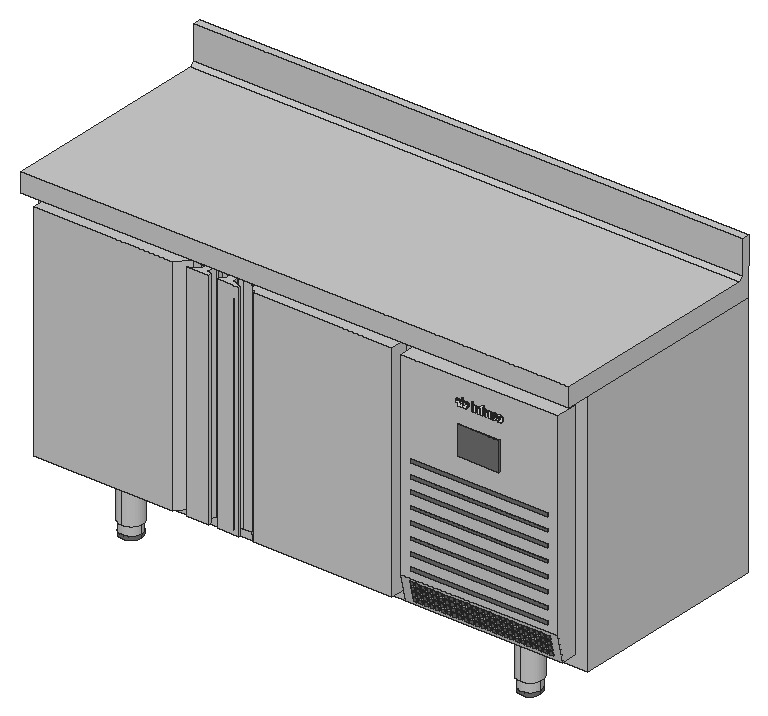
Revit family "QF_INFRICO_BMPP1500BT_250808034916", category Specialty Equipment, Revit 2021 (continued)
Definition of nested family "QF_INFRICO_LEGS_7238"
  Forms (mm)
    Extrusion 11, solid
      from 0 to 9
    Sweep 12, solid
      path origin (2185, 0, 0) x (0, -1, 0) y (0, 0, 1)
        loop
          line (618, 35) -> (618, 137)
      profile origin (2185, -618, 86) x (0, 1, 0) y (-1, 0, 0)
        loop
          circle (0, 199.986) r 32
    Extrusion 13, solid
      sketch origin (1560, 500, 140) x (0, 1, 0) y (-1, 0, 0)
        loop
          line (-530, -379.986) -> (-630, -379.986) -> (-630, -469.986) -> (-530, -469.986) -> (-530, -379.986)
      from 0 to -3
    Extrusion 14, solid
      sketch origin (1560, 500, 0) x (1, 0, 0) y (0, 1, 0)
        loop
          circle (424.986, -580) r 28
      from 9 to 35
    Extrusion 15, solid
      sketch origin (1560, 500, 0) x (1, 0, 0) y (0, 1, 0)
        loop
          circle (424.986, -580) r 28.5
      from 0 to 9
    Sweep 16, solid
      path origin (2185, 0, 0) x (0, -1, 0) y (0, 0, 1)
        loop
          line (80, 35) -> (80, 137)
      profile origin (2185, -80, 86) x (0, 1, 0) y (-1, 0, 0)
        loop
          circle (0, 199.986) r 32
    Extrusion 17, solid, visible <- "CentralLegs"
      sketch origin (534.014, 0, 140) x (0, 1, 0) y (-1, 0, 0)
        loop
          line (-568, -513.486) -> (-668, -513.486) -> (-668, -603.486) -> (-568, -603.486) -> (-568, -513.486)
      from 0 to -3
    Extrusion 18, solid, visible <- "CentralLegs"
      sketch origin (534.014, 0, 0) x (1, 0, 0) y (0, 1, 0)
        loop
          circle (558.486, -618) r 28
      from 9 to 35
    Extrusion 19, solid, visible <- "CentralLegs"
      sketch origin (534.014, 0, 0) x (1, 0, 0) y (0, 1, 0)
        loop
          circle (558.486, -618) r 28.5
      from 0 to 9
    Sweep 20, solid, visible <- "CentralLegs"
      path origin (1092.5, 0, 0) x (0, -1, 0) y (0, 0, 1)
        loop
          line (618, 35) -> (618, 137)
      profile origin (1092.5, -618, 86) x (0, 1, 0) y (-1, 0, 0)
        loop
          circle (0, -0.014) r 32
    Extrusion 21, solid, visible <- "CentralLegs"
      sketch origin (534.014, 500, 140) x (0, 1, 0) y (-1, 0, 0)
        loop
          line (-530, -513.486) -> (-630, -513.486) -> (-630, -603.486) -> (-530, -603.486) -> (-530, -513.486)
      from 0 to -3
    Extrusion 22, solid, visible <- "CentralLegs"
      sketch origin (534.014, 500, 0) x (1, 0, 0) y (0, 1, 0)
        loop
          circle (558.486, -580) r 28
      from 9 to 35
    Extrusion 23, solid, visible <- "CentralLegs"
      sketch origin (534.014, 500, 0) x (1, 0, 0) y (0, 1, 0)
        loop
          circle (558.486, -580) r 28.5
      from 0 to 9
    Sweep 24, solid, visible <- "CentralLegs"
      path origin (1092.5, 0, 0) x (0, -1, 0) y (0, 0, 1)
        loop
          line (80, 35) -> (80, 137)
      profile origin (1092.5, -80, 86) x (0, 1, 0) y (-1, 0, 0)
        loop
          circle (0, -0.014) r 32
  Dimensions and locks
    "Length": plane 3 "Left" to plane 4 "Right"
    "Depth": plane 1 "Back" to plane 5 "Front"
    "Height": plane 6 "Top" to plane 2
    equal spacing: plane 3 "Left", plane 7 "Central", plane 4 "Right"
    locked: Sweep 20 sketch curve to profile plane at 0.014
    locked: Sweep 24 sketch curve to profile plane at 0.014
    aligned and locked: level to plane 2
  Automatic sketch dimensions
    plane 5 "Front" to Extrusion 1 sketch curve = 70 mm
    Extrusion 1 sketch curve to Extrusion 1 sketch curve = 100 mm
    plane 3 "Left" to Extrusion 1 sketch curve = 244.986 mm
    Extrusion 1 sketch curve to Extrusion 1 sketch curve = 90 mm
    plane 3 "Left" to Extrusion 2 sketch curve = 199.986 mm
    plane 5 "Front" to Extrusion 2 sketch curve = 120 mm
    plane 3 "Left" to Extrusion 3 sketch curve = 199.986 mm
    plane 5 "Front" to Extrusion 3 sketch curve = 120 mm
    Sweep 4 sketch curve to plane 6 "Top" = 3 mm
    plane 5 "Front" to Sweep 4 sketch curve = 120 mm
    level to Sweep 4 sketch curve = 35 mm
    Sweep 4 sketch curve to profile plane = 0 mm
    plane 3 "Left" to Sweep 4 sketch curve = 199.986 mm
    plane 1 "Back" to Extrusion 5 sketch curve = 130 mm
    plane 1 "Back" to Extrusion 5 sketch curve = 30 mm
    plane 3 "Left" to Extrusion 5 sketch curve = 244.986 mm
    Extrusion 5 sketch curve to Extrusion 5 sketch curve = 90 mm
    plane 1 "Back" to Extrusion 6 sketch curve = 80 mm
    plane 3 "Left" to Extrusion 6 sketch curve = 199.986 mm
    plane 1 "Back" to Extrusion 7 sketch curve = 80 mm
    plane 3 "Left" to Extrusion 7 sketch curve = 199.986 mm
    Sweep 8 sketch curve to plane 6 "Top" = 3 mm
    plane 1 "Back" to Sweep 8 sketch curve = 80 mm
    level to Sweep 8 sketch curve = 35 mm
    Sweep 8 sketch curve to profile plane = 0 mm
    plane 3 "Left" to Sweep 8 sketch curve = 199.986 mm
    plane 5 "Front" to Extrusion 9 sketch curve = 70 mm
    Extrusion 9 sketch curve to Extrusion 9 sketch curve = 100 mm
    plane 4 "Right" to Extrusion 9 sketch curve = 155.014 mm
    Extrusion 9 sketch curve to Extrusion 9 sketch curve = 90 mm
    plane 4 "Right" to Extrusion 10 sketch curve = 200.014 mm
    plane 5 "Front" to Extrusion 10 sketch curve = 120 mm
    plane 4 "Right" to Extrusion 11 sketch curve = 200.014 mm
    plane 5 "Front" to Extrusion 11 sketch curve = 120 mm
    Sweep 12 sketch curve to profile plane = 0 mm
    profile plane to Sweep 12 sketch curve = 199.986 mm
    plane 1 "Back" to Extrusion 13 sketch curve = 130 mm
    plane 1 "Back" to Extrusion 13 sketch curve = 30 mm
    plane 4 "Right" to Extrusion 13 sketch curve = 155.014 mm
    Extrusion 13 sketch curve to Extrusion 13 sketch curve = 90 mm
    plane 1 "Back" to Extrusion 14 sketch curve = 80 mm
    plane 4 "Right" to Extrusion 14 sketch curve = 200.014 mm
    plane 1 "Back" to Extrusion 15 sketch curve = 80 mm
    plane 4 "Right" to Extrusion 15 sketch curve = 200.014 mm
    Sweep 16 sketch curve to profile plane = 0 mm
    profile plane to Sweep 16 sketch curve = 199.986 mm
    plane 5 "Front" to Extrusion 17 sketch curve = 70 mm
    Extrusion 17 sketch curve to plane 7 "Central" = 45 mm
    Extrusion 17 sketch curve to Extrusion 17 sketch curve = 100 mm
    plane 7 "Central" to Extrusion 17 sketch curve = 45 mm
    Extrusion 18 sketch curve to plane 7 "Central" = 0 mm
    plane 5 "Front" to Extrusion 18 sketch curve = 120 mm
    Extrusion 19 sketch curve to plane 7 "Central" = 0 mm
    plane 5 "Front" to Extrusion 19 sketch curve = 120 mm
    Sweep 20 sketch curve to profile plane = 0 mm
    plane 7 "Central" to Extrusion 21 sketch curve = 45 mm
    plane 1 "Back" to Extrusion 21 sketch curve = 130 mm
    plane 1 "Back" to Extrusion 21 sketch curve = 30 mm
    Extrusion 21 sketch curve to plane 7 "Central" = 45 mm
    Extrusion 22 sketch curve to plane 7 "Central" = 0 mm
    plane 1 "Back" to Extrusion 22 sketch curve = 80 mm
    Extrusion 23 sketch curve to plane 7 "Central" = 0 mm
    plane 1 "Back" to Extrusion 23 sketch curve = 80 mm
    Sweep 24 sketch curve to profile plane = 0 mm
    Sweep 16 sketch curve to plane 6 "Top" = 3 mm
    plane 1 "Back" to Sweep 16 sketch curve = 80 mm
    level to Sweep 16 sketch curve = 35 mm
    Sweep 12 sketch curve to plane 6 "Top" = 3 mm
    plane 5 "Front" to Sweep 12 sketch curve = 120 mm
    level to Sweep 12 sketch curve = 35 mm
    Sweep 20 sketch curve to plane 6 "Top" = 3 mm
    plane 5 "Front" to Sweep 20 sketch curve = 120 mm
    level to Sweep 20 sketch curve = 35 mm
    Sweep 24 sketch curve to plane 6 "Top" = 3 mm
    plane 1 "Back" to Sweep 24 sketch curve = 80 mm
    level to Sweep 24 sketch curve = 35 mm
    radius of Extrusion 2 sketch curve = 28 mm
    radius of Extrusion 3 sketch curve = 28.5 mm
    radius of Sweep 4 sketch curve = 32 mm
    radius of Extrusion 6 sketch curve = 28 mm
    radius of Extrusion 7 sketch curve = 28.5 mm
    radius of Sweep 8 sketch curve = 32 mm
    radius of Extrusion 10 sketch curve = 28 mm
    radius of Extrusion 11 sketch curve = 28.5 mm
    radius of Sweep 12 sketch curve = 32 mm
    radius of Extrusion 14 sketch curve = 28 mm
    radius of Extrusion 15 sketch curve = 28.5 mm
    radius of Sweep 16 sketch curve = 32 mm
    radius of Extrusion 18 sketch curve = 28 mm
    radius of Extrusion 19 sketch curve = 28.5 mm
    radius of Sweep 20 sketch curve = 32 mm
    radius of Extrusion 22 sketch curve = 28 mm
    radius of Extrusion 23 sketch curve = 28.5 mm
    radius of Sweep 24 sketch curve = 32 mm
Definition of nested family "CONN_POINT_DRAIN_2D___Generic_Annotation"
  Parameters (values of type "CONN_POINT_DRAIN_2D___Generic_Annotation")
    Onboard connection annotation symbol visibility [instance] = yes
  Reference planes
    plane 1: y = 0
    plane 2: x = 0
  Lines and regions (mm)
    detail lines, visible <- "Onboard connection annotation symbol visibility"
      curve 1: circle (0, 0, 0) r 0.5 normal (0, 0, 1)
      curve 2: line (-1, 0, 0) -> (1, 0, 0)
      curve 3: line (0, 1, 0) -> (0, -1, 0)
      curve 4: line (1.776, 1, 0) -> (1.25, 1, 0)
      curve 5: line (1.25, 1, 0) -> (1.25, -1, 0)
      curve 6: line (1.25, -1, 0) -> (1.776, -1, 0)
      curve 7: arc (2.206, -0.862, 0) -> (2.459, -0.589, 0) -> (2.583, -0.238, 0) r 0.918
      curve 8: arc (2.583, 0.238, 0) -> (2.459, 0.589, 0) -> (2.206, 0.862, 0) r 0.918
      curve 9: arc (2.583, -0.238, 0) -> (2.599, 0, 0) -> (2.583, 0.238, 0) r 1.77
      curve 10: arc (2.206, 0.862, 0) -> (2.002, 0.965, 0) -> (1.776, 1, 0) r 0.741
      curve 11: arc (1.776, -1, 0) -> (2.002, -0.965, 0) -> (2.206, -0.862, 0) r 0.741
Definition of nested family "CONN_POINT_ELE_2D___Generic_Annotation"
  Parameters (values of type "CONN_POINT_ELE_2D___Generic_Annotation")
    Onboard connection annotation symbol visibility [instance] = yes
  Reference planes
    plane 1: y = 0
    plane 2: x = 0
  Lines and regions (mm)
    detail lines, visible <- "Onboard connection annotation symbol visibility"
      curve 1: circle (0, 0, 0) r 0.5 normal (0, 0, 1)
      curve 2: line (-1, 0, 0) -> (1, 0, 0)
      curve 3: line (0, 1, 0) -> (0, -1, 0)
      curve 4: line (2.5, 1, 0) -> (1.25, 1, 0)
      curve 5: line (1.25, 1, 0) -> (1.25, -1, 0)
      curve 6: line (1.25, -1, 0) -> (2.5, -1, 0)
      curve 7: line (1.25, 0, 0) -> (2, 0, 0)
